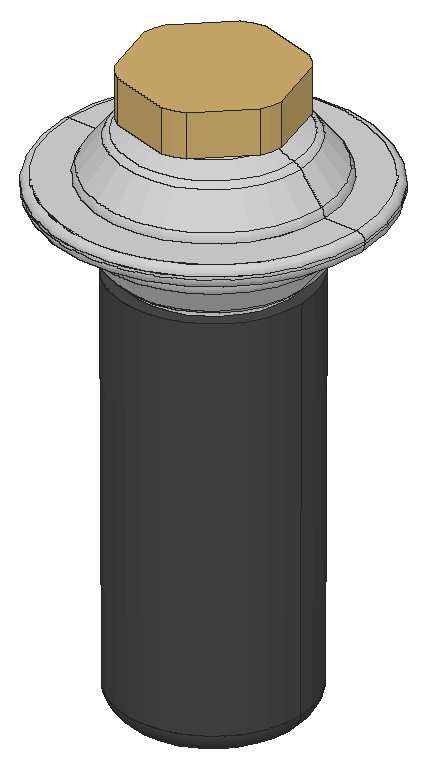
Revit family "AVP Actuator_Return_PN16_RFA_1", category Pipe Accessories, Revit 2019
Family settings
  Round Connector Dimension = Use Diameter
  Part Type = Normal
  OmniClass Number = 23.65.55.14.17
  OmniClass Title = Adjusting/Controlling Valves for Liquid Services
  Work Plane-Based = No
  Always vertical = Yes
  Cut with Voids When Loaded = No
  Shared = No
Parameters (values of type "AVP Actuator_Return_PN16_dP0.2-1.0/0.8-1.6 bar_003H6822")
  URL = "https://store.danfoss.com/en/search/?q=003H682%3Arelevance%3Adanfoss_a50311485896%3ATA7_2941857&text=003H682"
  Spring Colour = Danfoss Steel Paint Black (Spring)
  Nominal Pressure = "PN 16"  # constant formula
  Model Type = "AVP Actuator_Return_PN16_dP0.2-1.0/0.8-1.6 bar"
  Model = "003H6822"
  Manufacturer = "Danfoss"  # constant formula
  LOD 350 [instance] = not(LOD 200)  # yes
  LOD 200 [instance] = no
  Differential Pressure Setting Range = "0.2-1.0 bar / 0.8-1.6 bar"
  Description = "Spring Actuator"  # constant formula
  Body Material = Danfoss Steel Zinc Plated
  Actuator size = 39.0 cm²  # constant formula
Types (2, lengths in mm): name | Spring Colour | Model Type | Model | Differential Pressure Setting Range
  AVP Actuator_Return_PN16_dP0.05-0.5bar_003H6821 | Danfoss Steel Paint Grey (Spring) | "AVP Actuator_Return_PN16_dP0.05-0.5bar" | "003H6821" | "0.05-0.5 bar"
  AVP Actuator_Return_PN16_dP0.2-1.0/0.8-1.6 bar_003H6822 | Danfoss Steel Paint Black (Spring) | "AVP Actuator_Return_PN16_dP0.2-1.0/0.8-1.6 bar" | "003H6822" | "0.2-1.0 bar / 0.8-1.6 bar"
Reference planes
  plane 1 "Center (Front/Back)": y = 0
  plane 2: z = 0
  plane 3 "Center (Left/Right)": x = 0
  plane 4: z = -195.33
  plane 5: z = -202.178
  plane 6: through (-46.988, -1524, -65.521) normal (-0.6149, 0, 0.7886)
  plane 7: through (-56.101, -1524, -66.25) normal (-0.7886, 0, -0.6149)
  plane 8: z = -2.121
Forms (mm)
  Extrusion 1, solid, material "Danfoss Brass", visible <- "LOD 350"
    sketch origin (0, 0, 0) x (1, 0, 0) y (0, 1, 0)
      loop
        line (-10.467, 24.889) -> (-24.889, 10.467)
        arc (-24.889, 10.467) -> (-26.172, 7.013) -> (-26.788, 3.38) r 19.648
        line (-26.788, 3.38) -> (-21.509, -16.321)
        arc (-21.509, -16.321) -> (-19.132, -19.132) -> (-16.321, -21.509) r 22.11
        line (-16.321, -21.509) -> (3.38, -26.788)
        arc (3.38, -26.788) -> (6.987, -26.075) -> (10.467, -24.889) r 27.516
        line (10.467, -24.889) -> (24.889, -10.467)
        arc (24.889, -10.467) -> (26.121, -6.999) -> (26.788, -3.38) r 23.157
        line (26.788, -3.38) -> (21.509, 16.321)
        arc (21.509, 16.321) -> (19.119, 19.119) -> (16.321, 21.509) r 23.5
        line (16.321, 21.509) -> (-3.38, 26.788)
        arc (-3.38, 26.788) -> (-6.996, 26.11) -> (-10.467, 24.889) r 24.007
    from -16.5 to -2.121
  Revolve 2, solid, material "Danfoss Plastic Black", visible <- "LOD 350"
    sketch origin (0, 0, 0) x (1, 0, 0) y (0, 0, 1)
      loop
        line (0, -195.33) -> (-30.603, -195.33)
        arc (-30.603, -195.33) -> (-29.696, -198.102) -> (-27.674, -200.204) r 6.535
        arc (-27.674, -200.204) -> (-27.136, -200.682) -> (-26.758, -201.295) r 2.465
        arc (-26.758, -201.295) -> (-25.361, -201.952) -> (-23.833, -202.178) r 5.29
        line (-23.833, -202.178) -> (0, -202.178) -> (0, -195.33)
      axis (0, -195.33) -> (0, -202.178)
    angle from 0 to 360
  Revolve 3, solid, material "Danfoss Steel Zinc Plated" <- "Body Material", visible <- "LOD 350"
    sketch origin (0, 0, 0) x (1, 0, 0) y (0, 0, 1)
      loop
        line (0, -16.5) -> (0, -65.534) -> (26.737, -65.534) -> (26.737, -63.937)
        arc (26.737, -63.937) -> (29.079, -63.104) -> (30.971, -61.492) r 6.866
        line (30.971, -61.492) -> (38.343, -52.057)
        arc (38.343, -52.057) -> (39.204, -50.47) -> (39.502, -48.689) r 5.47
        line (39.502, -48.689) -> (39.502, -47.779)
        arc (39.502, -47.779) -> (40.271, -45.777) -> (42.181, -44.804) r 2.991
        line (42.181, -44.804) -> (45.374, -44.525)
        arc (45.374, -44.525) -> (46.73, -44.136) -> (47.841, -43.268) r 3.695
        arc (47.841, -43.268) -> (48.174, -43.012) -> (48.582, -42.907) r 1.055
        line (48.582, -42.907) -> (49.588, -42.907)
        arc (49.588, -42.907) -> (52.032, -41.876) -> (52.999, -39.406) r 3.413
        line (52.999, -39.406) -> (52.999, -38.415)
        arc (52.999, -38.415) -> (52.265, -36.641) -> (50.492, -35.907) r 2.508
        line (50.492, -35.907) -> (38.992, -35.907)
        arc (38.992, -35.907) -> (38.689, -34.4) -> (37.942, -33.057) r 4.989
        line (37.942, -33.057) -> (30.581, -23.618)
        arc (30.581, -23.618) -> (29.599, -22.686) -> (28.387, -22.082) r 4.567
        line (28.387, -22.082) -> (21.51, -19.442)
        arc (21.51, -19.442) -> (20.77, -19.223) -> (20.005, -19.122) r 4.918
        line (20.005, -19.122) -> (20.005, -16.5) -> (0, -16.5)
      axis (0, -65.534) -> (0, -16.5)
    angle from 0 to 360
  Revolve 4, solid, material "Danfoss Brass", visible <- "LOD 350"
    sketch origin (0, 0, 0) x (1, 0, 0) y (0, 0, 1)
      loop
        line (-41.171, -60.985) -> (-34.503, -55.785) -> (-37.964, -52.324) -> (-39.098, -52.124) -> (-40.681, -53.361)
        arc (-40.681, -53.361) -> (-40.411, -54.689) -> (-41.723, -55.028) r 0.984
        line (-41.723, -55.028) -> (-44.266, -57.015) -> (-41.171, -60.985)
      axis (-41.171, -60.985) -> (-34.503, -55.785)
    angle from 0 to 360
  Revolve 5, solid, material "Danfoss Brass", visible <- "LOD 350"
    sketch origin (0, 0, 0) x (1, 0, 0) y (0, 0, 1)
      loop
        line (-54.164, -71.118) -> (-49.018, -67.104) -> (-52.761, -62.304) -> (-57.908, -66.317) -> (-54.164, -71.118)
      axis (-54.164, -71.118) -> (-49.018, -67.104)
    angle from 0 to 360
  Sweep 6, solid, material "Danfoss Brass", visible <- "LOD 350"
    path origin (0, 0, 0) x (1, 0, 0) y (0, 0, 1)
      loop
        line (-49.018, -67.104) -> (-41.171, -60.985)
    profile origin (-45.094, 0, -64.045) x (-0.614942, 0, 0.788572) y (0, -1, 0)
      loop
        line (5.477, 3.835) -> (-0.583, 6.66) -> (-6.059, 2.826) -> (-5.477, -3.835) -> (0.583, -6.66) -> (6.059, -2.826) -> (5.477, 3.835)
  Blend 7, solid, material "Danfoss Plastic Black", visible <- "LOD 350"
    base sketch origin (0, 0, 0) x (1, 0, 0) y (0, 1, 0)
      loop
        circle (0, 0) r 30.6
    top sketch origin (0, 0, 0) x (1, 0, 0) y (0, 1, 0)
      loop
        circle (0, 0) r 31.2
    from -195.33 to -65.534
  Extrusion 8, solid, material "Danfoss Brass", visible <- "LOD 200"
    sketch origin (0, 0, 0) x (1, 0, 0) y (0, 1, 0)
      loop
        circle (0, 0) r 27.023
    from -16.5 to -2.121
  Sweep 9, solid, material "Danfoss Brass", visible <- "LOD 200"
    path origin (0, 0, 0) x (1, 0, 0) y (0, 0, 1)
      loop
        line (-54.164, -71.118) -> (-34.977, -56.155)
    profile origin (-44.571, 0, -63.636) x (-0.614942, 0, 0.788572) y (0, -1, 0)
      loop
        circle (0, 0) r 6.087
  Extrusion 10, solid, material "Danfoss Plastic Black", visible <- "LOD 200"
    sketch origin (0, 0, 0) x (1, 0, 0) y (0, 1, 0)
      loop
        circle (0, 0) r 31.2
    from -202.178 to -65.534
  Revolve 11, solid, material "Danfoss Steel Zinc Plated" <- "Body Material", visible <- "LOD 200"
    sketch origin (0, 0, 0) x (1, 0, 0) y (0, 0, 1)
      loop
        line (0, -16.5) -> (0, -65.534) -> (26.737, -65.534) -> (26.737, -63.937)
        arc (26.737, -63.937) -> (35.424, -56.347) -> (40.33, -45.907) r 28.104
        line (40.33, -45.907) -> (52.757, -45.907) -> (52.757, -35.907) -> (39.411, -35.907)
        arc (39.411, -35.907) -> (31.354, -24.558) -> (20.005, -16.5) r 41.617
        line (20.005, -16.5) -> (0, -16.5)
      axis (0, -16.5) -> (0, -65.534)
    angle from 0 to 360
Dimensions and locks
  radius of Blend 7 sketch curve = 30.6 mm
  aligned and locked: level to plane 2
  aligned and locked: plane 5 to Extrusion 10
